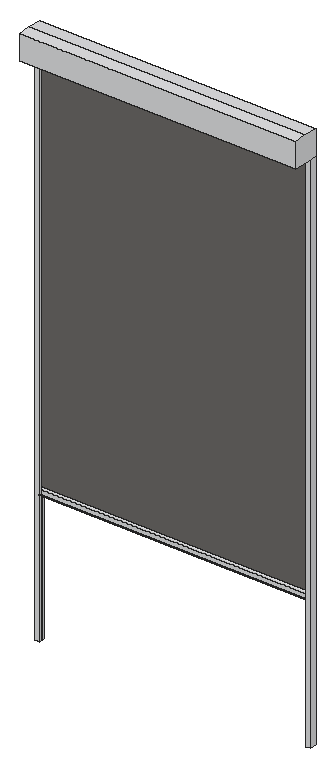
Revit family "Shades-Hunter_Douglas-RB500-Single_Heavy_Duty-Auto-Bracket_Block_Out-4in", category Specialty Equipment, Revit 2024
Family settings
  Round Connector Dimension = Use Diameter
  Part Type = Normal
  OmniClass Number = 23.30.60.14
  OmniClass Title = Interior Window Treatment
  Work Plane-Based = No
  Enable Cutting in Views = No
  Always vertical = Yes
  Cut with Voids When Loaded = No
  Maintain Annotation Orientation = No
  Shared = No
  Room Calculation Point = No
Parameters (values of type "Automated")
  URL = "https://www.hunterdouglasarchitectural.com/"
  Type Comments = "Block Out Shade"  # constant formula
  Model = "Heavy Duty Automated 4IN Bracket Block Out"  # constant formula
  Manufacturer = "Hunter Douglas Architectural"  # constant formula
  Description = "Heavy Duty Automatic Roller Shade"  # constant formula
  Default Elevation = 0' - 0"
  CD_Width [instance] = 4' - 0"
  CD_Warranty = "https://assets.hunterdouglasarchitectural.com/documents/RB500/Lifetime_Guarantee_HDA.pdf?_rand=1465740819000"
  CD_Product Page URL = "https://www.hunterdouglasarchitectural.com/windowcoverings/rollershades/RB500/index.jsp"
  CD_Product Name = "RB 500 Roller Shade System"  # constant formula
  CD_Product Documentation Link = "https://www.hunterdouglasarchitectural.com/windowcoverings/rollershades/RB500/index.jsp#cadDrawing"
  CD_Opening Percentage [instance] = 25
  CD_Microsite = "https://microsite.caddetails.com/1669"
  CD_Install Documentation = "https://www.hunterdouglasarchitectural.com/windowcoverings/rollershades/RB500/index.jsp#installationPage"
  CD_Height Opening [instance] = ((CD_Height - CD_Bracket Height - 0' 1 101/256") * CD_Opening Percentage) / 100  # 1' - 10.55957"
  CD_Height [instance] = 8' - 0"
  CD_Finish Rail = Metal-Aluminum-Hunter_Douglas-Anodized
  CD_Finish Frame = Metal-Aluminum-Hunter_Douglas-Anodized
  CD_Finish = Fabric-Shade-Hunter_Douglas-5%-E_Screen-Charcoal_Cocoa
  CD_Bracket Height = 0' - 4 47/128"  # constant formula
  CD_Bracket Depth = 0' - 4 35/128"  # constant formula
  CD_Fabric Sizing Disclaimer = "Designer to verify maximum fabric size with Manufacturer as the maximum fabric size is dependent on finished dimensions"  # constant formula
  Assembly Code = "E2010300"
Reference planes (in)
  plane 1 "Center (Front/Back)": y = -0.11342
  plane 2 "Bottom": z = 0
  plane 3 "Center (Left/Right)": x = 0
  plane 4 "Top": z = 96
  plane 5 "Left": x = -24
  plane 6 "Right": x = 24
  plane 7 "Back": y = 2.13672
  plane 8 "Front": y = -2.13672
  plane 9 "Opening": z = 22.55957
  plane 10 "Head Height": z = 91.63281
  plane 11 "Shade Left": x = -23.44922
  plane 12 "Shade Right": x = 23.44922
  plane 13 "Blind Location": y = 1.60373
  plane 14 "Center (Elevation)": z = 93.63781
Forms (in)
  Extrusion 1, solid, material "Metal-Aluminum-Hunter_Douglas-Anodized" <- "CD_Finish Frame", detail levels medium+fine
    sketch origin (0, 0, 0) x (0, 1, 0) y (0, 0, 1)
      loop
        line (2.13672, 96) -> (-0.22727, 96) -> (-2.13672, 95.80431) -> (-2.13672, 91.63281) -> (2.04277, 91.63281) -> (2.04277, 91.59038) -> (2.13672, 91.59038) -> (2.13672, 96)
    from -24 to 24
  Extrusion 2, solid, material "Metal-Aluminum-Hunter_Douglas-Anodized" <- "CD_Finish Frame", detail levels coarse
    sketch origin (0, 0, 0) x (0, 1, 0) y (0, 0, 1)
      loop
        line (2.13672, 91.63281) -> (2.13672, 96) -> (-2.13672, 96) -> (-2.13672, 91.63281) -> (2.13672, 91.63281)
    from -24 to 24
  Extrusion 3, solid, material "Metal-Aluminum-Hunter_Douglas-Anodized" <- "CD_Finish Rail", detail levels fine
    sketch origin (0, 0, -20.35107) x (0, 1, 0) y (0, 0, 1)
      loop
        line (1.91592, 43.22295) -> (1.91592, 43.99032)
        arc (1.91592, 43.99032) -> (1.62365, 44.30337) -> (1.2913, 44.03325) r 0.31379
        line (1.2913, 44.03325) -> (1.2913, 43.22295)
        arc (1.2913, 43.22295) -> (1.60361, 42.91064) -> (1.91592, 43.22295) r 0.31231
    from -23.44922 to 23.44922
  Extrusion 4, solid, material "Fabric-Shade-Hunter_Douglas-5%-E_Screen-Charcoal_Cocoa" <- "CD_Finish"
    sketch origin (0, 0, 0) x (0, 1, 0) y (0, 0, 1)
      loop
        line (1.62122, 22.55957) -> (1.62122, 92.41406) -> (1.58623, 92.41406) -> (1.58623, 22.55957) -> (1.62122, 22.55957)
    from -23.44922 to 23.44922
  Extrusion 5, void
    sketch origin (0, 0, 0) x (1, 0, 0) y (0, 1, 0)
      loop
        line (-23.44922, 1.91592) -> (-23.44922, 1.2913) -> (23.44922, 1.2913) -> (23.44922, 1.91592) -> (-23.44922, 1.91592)
    from 91.63281 to 92.41406
  Extrusion 6, solid, material "Metal-Aluminum-Hunter_Douglas-Anodized" <- "CD_Finish Rail", detail levels fine
    sketch origin (0, 0, 0) x (1, 0, 0) y (0, 1, 0)
      loop
        line (-23.17198, 1.91592) -> (-23.17198, 2.13672) -> (-24, 2.13672) -> (-24, 1.07073) -> (-23.17198, 1.07073) -> (-23.17198, 1.2913) -> (-23.44922, 1.2913) -> (-23.44922, 1.91592) -> (-23.17198, 1.91592)
      loop
        line (23.17198, 1.91592) -> (23.44922, 1.91592) -> (23.44922, 1.2913) -> (23.17198, 1.2913) -> (23.17198, 1.07073) -> (24, 1.07073) -> (24, 2.13672) -> (23.17198, 2.13672) -> (23.17198, 1.91592)
    from 0 to 91.63281
  Extrusion 7, solid, material "Metal-Aluminum-Hunter_Douglas-Anodized" <- "CD_Finish Rail", detail levels coarse+medium
    sketch origin (0, 0, 0) x (1, 0, 0) y (0, 1, 0)
      loop
        line (-24, 2.13672) -> (-24, 1.07422) -> (-23.44922, 1.07422) -> (-23.44922, 2.13672) -> (-24, 2.13672)
      loop
        line (24, 2.13672) -> (23.44922, 2.13672) -> (23.44922, 1.07422) -> (24, 1.07422) -> (24, 2.13672)
    from 0 to 91.63281
  Extrusion 8, solid, material "Fabric-Shade-Hunter_Douglas-5%-E_Screen-Charcoal_Cocoa" <- "CD_Finish"
    sketch origin (0, 0, 0) x (0, 1, 0) y (0, 0, 1)
      loop
        arc (1.59537, 93.9003) -> (-1.83817, 93.69411) -> (1.58623, 93.36978) r 1.725
        line (1.58623, 93.36978) -> (1.58623, 92.41406) -> (1.62122, 92.41406) -> (1.59537, 93.9003)
    from -23.44922 to 23.44922
Cuts and joins
  Extrusion 5 cuts Extrusion 1
  joined: Extrusion 4, Extrusion 8
Lines and regions (in)
  Masking region 1, detail levels fine
    outline origin (0, 0, 0) x (0, 1, 0) y (0, 0, 1)
      loop
        arc (1.91592, 23.63925) -> (1.62365, 23.9523) -> (1.2913, 23.68218) r 0.31379
        line (1.2913, 23.68218) -> (1.2913, 22.87188)
        arc (1.2913, 22.87188) -> (1.60361, 22.55957) -> (1.91592, 22.87188) r 0.31231
        line (1.91592, 22.87188) -> (1.91592, 23.63925)
Dimensions and locks (in)
  "CD_Height": plane 4 "Top" to plane 2 "Bottom"
  equal spacing: plane 5 "Left", plane 3 "Center (Left/Right)", plane 6 "Right"
  "CD_Width": plane 5 "Left" to plane 6 "Right"
  locked: plane 1 "Center (Front/Back)" to plane 13 "Blind Location" at 1.71715
  "CD_Bracket Depth": plane 8 "Front" to plane 7 "Back"
  Extrusion 1 sketch curve to plane 10 "Head Height" to Extrusion 1 sketch curve = 0' - 4.17149" locked, 0' - 0.04243" locked
  Extrusion 3 sketch curve to Extrusion 3 sketch curve to Extrusion 3 sketch curve to Extrusion 3 sketch curve to Extrusion 3 sketch curve to plane 9 "Opening" to Extrusion 3 sketch curve = 0' - 0.27086" locked, 0' - 0.04293" locked, 0' - 0.76737" locked, 0' - 0" locked, 0' - 0.31231" locked, 0' - 0" locked
  Extrusion 3 sketch curve to plane 13 "Blind Location" to Extrusion 3 sketch curve = 0' - 0.31219" locked, 0' - 0.31243" locked
  locked: Extrusion 4 sketch curve to plane 10 "Head Height" at 0.78125
  Extrusion 4 sketch curve to plane 13 "Blind Location" to Extrusion 4 sketch curve = 0' - 0.01749" locked, 0' - 0.01749" locked
  locked: plane 5 "Left" to plane 11 "Shade Left" at 0.55078
  locked: plane 12 "Shade Right" to plane 6 "Right" at 0.55078
  "CD_Height Opening": plane 9 "Opening" to level
  "CD_Bracket Height": plane 4 "Top" to plane 10 "Head Height"
  Masking region 1 sketch curve to Masking region 1 sketch curve to Masking region 1 sketch curve to Masking region 1 sketch curve to Masking region 1 sketch curve to plane 9 "Opening" to Masking region 1 sketch curve = 0' - 0.27086" locked, 0' - 0.04293" locked, 0' - 0.76737" locked, 0' - 0" locked, 0' - 0.31231" locked, 0' - 0" locked
  locked: Extrusion 1 sketch curve to plane 8 "Front" at 1.90945
  Extrusion 5 sketch curve to plane 13 "Blind Location" to Extrusion 5 sketch curve = 0' - 0.31243" locked, 0' - 0.31219" locked
  locked: Extrusion 5 to plane 10 "Head Height" at 0.78125
  Masking region 1 sketch curve to plane 13 "Blind Location" to Masking region 1 sketch curve = 0' - 0.31219" locked, 0' - 0.31243" locked
  Extrusion 6 sketch curve to Extrusion 6 sketch curve to Extrusion 3 to plane 6 "Right" = 0' - 0" locked, 0' - 0.27724" locked, 0' - 0 141/256"
  plane 5 "Left" to Extrusion 3 to Extrusion 6 sketch curve to Extrusion 6 sketch curve = 0' - 0 141/256", 0' - 0.27724" locked, 0' - 0" locked
  Extrusion 6 sketch curve to Extrusion 6 sketch curve to plane 13 "Blind Location" to Extrusion 6 sketch curve to Extrusion 6 sketch curve = 0' - 0.22057" locked, 0' - 0.31243" locked, 0' - 0.31219" locked, 0' - 0.2208" locked  (x2)
  Extrusion 7 sketch curve to plane 13 "Blind Location" to Extrusion 7 sketch curve = 0' - 0.52951" locked, 0' - 0.53299" locked  (x2)
  Extrusion 8 sketch curve to Extrusion 8 sketch curve to Extrusion 8 sketch curve to plane 4 "Top" = 0' - 1.48624" locked, 0' - 1.4891" locked, 0' - 0.6106" locked
  Extrusion 8 sketch curve to plane 13 "Blind Location" to Extrusion 8 sketch curve to Extrusion 8 sketch curve to Extrusion 8 sketch curve = 0' - 0.01749" locked, 0' - 0.00835" locked, 0' - 0.00914" locked, 0' - 3.42466" locked
  locked: plane 4 "Top" to plane 14 "Center (Elevation)" at 2.36219
  locked: plane 13 "Blind Location" to plane 7 "Back" at 0.53299
  aligned and locked: plane 2 "Bottom" to level
  aligned and locked: plane 4 "Top" to Extrusion 2 sketch curve
  aligned and locked: plane 8 "Front" to Extrusion 2 sketch curve
  aligned and locked: Extrusion 2 sketch curve to plane 7 "Back"
  aligned and locked: Extrusion 2 sketch curve to plane 10 "Head Height"
  aligned and locked: plane 4 "Top" to Extrusion 1 sketch curve
  aligned and locked: Extrusion 1 sketch curve to plane 7 "Back"
  aligned and locked: plane 10 "Head Height" to Extrusion 1 sketch curve
  aligned and locked: Extrusion 2 to plane 5 "Left"
  aligned and locked: plane 6 "Right" to Extrusion 2
  aligned and locked: Extrusion 4 to plane 11 "Shade Left"
  aligned and locked: plane 12 "Shade Right" to Extrusion 4
  aligned and locked: Extrusion 3 to plane 11 "Shade Left"
  aligned and locked: plane 12 "Shade Right" to Extrusion 3
  aligned and locked: Extrusion 4 to plane 9 "Opening"
  aligned and locked: Extrusion 1 to plane 5 "Left"
  aligned and locked: plane 6 "Right" to Extrusion 1
  aligned and locked: plane 11 "Shade Left" to Extrusion 5 sketch curve
  aligned and locked: Extrusion 5 sketch curve to plane 12 "Shade Right"
  aligned and locked: Extrusion 5 to plane 10 "Head Height"
  aligned and locked: Extrusion 6 sketch curve to plane 6 "Right"
  aligned and locked: Extrusion 6 sketch curve to plane 5 "Left"
  aligned and locked: plane 10 "Head Height" to Extrusion 6
  aligned and locked: Extrusion 6 to level
  aligned and locked: Extrusion 7 sketch curve to plane 5 "Left"
  aligned and locked: plane 11 "Shade Left" to Extrusion 7 sketch curve
  aligned and locked: Extrusion 7 sketch curve to plane 6 "Right"
  aligned and locked: plane 12 "Shade Right" to Extrusion 7 sketch curve
  aligned and locked: Extrusion 7 to level
  aligned and locked: plane 10 "Head Height" to Extrusion 7
  aligned and locked: Extrusion 8 to plane 11 "Shade Left"
  aligned and locked: plane 12 "Shade Right" to Extrusion 8
Automatic sketch dimensions
  Extrusion 1 sketch curve to plane 8 "Front" = 0' - 0"
  plane 7 "Back" to Extrusion 1 sketch curve = 0' - 0.09395"
  plane 9 "Opening" to Extrusion 4 sketch curve = 0' - 0"
  Extrusion 6 sketch curve to plane 11 "Shade Left" = 0' - 0"
  Extrusion 6 sketch curve to plane 12 "Shade Right" = 0' - 0"
